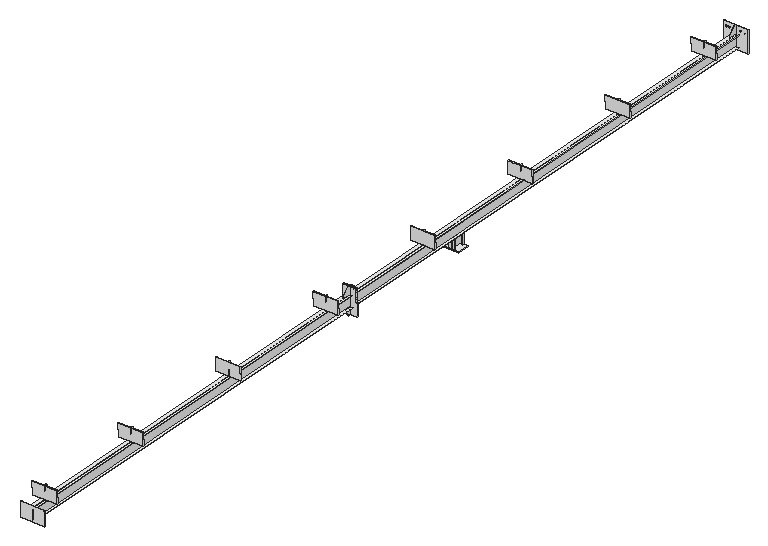
Revit family "STC_A3-Rafter-Type-G", category Structural Framing, Revit 2016
Family settings
  Section Shape = Not Defined
  Material for Model Behavior = Other
  Always export as geometry = No
  Work Plane-Based = No
  Always vertical = Yes
  Cut with Voids When Loaded = No
  Symbolic Representation = From Family
  Shared = No
  Show family pre-cut in plan views = Yes
Reference planes
  plane 1 "Center (Front/Back)": y = 0
  plane 2: z = 0
  plane 3 "Center (Left/Right)": x = 0
Forms (mm)
  Extrusion 1, solid, material "Metal - Steel"
    sketch origin (0, 0, 0) x (0, 1, 0) y (0, 0, 1)
      loop
        line (15, 359.709) -> (15, 659.709) -> (5, 659.709) -> (5, 359.709) -> (15, 359.709)
      loop
        line (-12255, -169.68) -> (-12255, 30.32) -> (-12265, 30.32) -> (-12265, -169.68) -> (-12255, -169.68)
      loop
        line (-549.782, 522.331) -> (-539.791, 522.767) -> (-547.425, 697.6) -> (-557.415, 697.164) -> (-549.782, 522.331)
      loop
        line (-2049.782, 456.839) -> (-2039.791, 457.276) -> (-2047.425, 632.109) -> (-2057.415, 631.673) -> (-2049.782, 456.839)
      loop
        line (-3749.826, 382.614) -> (-3739.835, 383.05) -> (-3747.468, 557.884) -> (-3757.459, 557.447) -> (-3749.826, 382.614)
      loop
        line (-5449.869, 308.388) -> (-5439.879, 308.825) -> (-5447.512, 483.658) -> (-5457.503, 483.222) -> (-5449.869, 308.388)
      loop
        line (-7149.913, 234.163) -> (-7139.922, 234.599) -> (-7147.556, 409.432) -> (-7157.546, 408.996) -> (-7149.913, 234.163)
      loop
        line (-8849.956, 159.937) -> (-8839.966, 160.374) -> (-8847.599, 335.207) -> (-8857.59, 334.771) -> (-8849.956, 159.937)
      loop
        line (-10550, 85.712) -> (-10540.01, 86.148) -> (-10547.643, 260.981) -> (-10557.633, 260.545) -> (-10550, 85.712)
      loop
        line (-12050, 20.22) -> (-12040.01, 20.657) -> (-12047.643, 195.49) -> (-12057.633, 195.054) -> (-12050, 20.22)
    from -170 to 170
  Extrusion 2, void
    sketch origin (0, 0, 111.456) x (1, 0, 0) y (0, 0, 1)
      loop
        line (124, 509.794) -> (76, 509.794)
        arc (76, 509.794) -> (65, 498.794) -> (76, 487.794) r 11
        line (76, 487.794) -> (124, 487.794)
        arc (124, 487.794) -> (135, 498.794) -> (124, 509.794) r 11
      loop
        arc (-124, 509.794) -> (-135, 498.794) -> (-124, 487.794) r 11
        line (-124, 487.794) -> (-76, 487.794)
        arc (-76, 487.794) -> (-65, 498.794) -> (-76, 509.794) r 11
        line (-76, 509.794) -> (-124, 509.794)
    from -15 to -5
  Extrusion 3, solid, material "Metal - Steel"
    sketch origin (0, -931.325, -5.944) x (0, 1, 0) y (0, 0, 1)
      loop
        line (-5799.651, 358.493) -> (-5783.948, -1.164) -> (-5773.958, -0.728) -> (-5789.661, 358.929) -> (-5799.651, 358.493)
    from -90 to 90
  Extrusion 4, solid, material "Metal - Steel"
    sketch origin (0, 0, 0) x (0, 1, 0) y (0, 0, 1)
      loop
        line (-6740.967, 352.113) -> (-6760.948, 351.241) -> (-6837.382, 267.827) -> (-6836.51, 247.846) -> (-6736.605, 252.208) -> (-6740.967, 352.113)
      loop
        line (-6720.986, 352.985) -> (-6716.624, 253.081) -> (-6616.719, 257.443) -> (-6617.592, 277.424) -> (-6701.005, 353.858) -> (-6720.986, 352.985)
      loop
        line (-6725.264, -7.544) -> (-6729.626, 92.36) -> (-6829.531, 87.998) -> (-6828.658, 68.018) -> (-6745.245, -8.417) -> (-6725.264, -7.544)
      loop
        line (-6705.283, -6.672) -> (-6685.302, -5.8) -> (-6608.868, 77.614) -> (-6609.74, 97.595) -> (-6709.645, 93.233) -> (-6705.283, -6.672)
      loop
        line (-527.444, 698.473) -> (-547.425, 697.6) -> (-539.791, 522.767) -> (-459.868, 526.257) -> (-460.74, 546.238) -> (-527.444, 698.473)
      loop
        line (-2027.444, 632.981) -> (-2047.425, 632.109) -> (-2039.791, 457.276) -> (-1959.868, 460.765) -> (-1960.74, 480.746) -> (-2027.444, 632.981)
      loop
        line (-3727.487, 558.756) -> (-3747.468, 557.884) -> (-3739.835, 383.05) -> (-3659.911, 386.54) -> (-3660.784, 406.521) -> (-3727.487, 558.756)
      loop
        line (-5427.531, 484.53) -> (-5447.512, 483.658) -> (-5439.879, 308.825) -> (-5359.955, 312.314) -> (-5360.827, 332.295) -> (-5427.531, 484.53)
      loop
        line (-7127.575, 410.305) -> (-7147.556, 409.432) -> (-7139.922, 234.599) -> (-7059.998, 238.089) -> (-7060.871, 258.07) -> (-7127.575, 410.305)
      loop
        line (-8827.618, 336.079) -> (-8847.599, 335.207) -> (-8839.966, 160.374) -> (-8760.042, 163.863) -> (-8760.914, 183.844) -> (-8827.618, 336.079)
      loop
        line (-10527.662, 261.854) -> (-10547.643, 260.981) -> (-10540.01, 86.148) -> (-10460.086, 89.638) -> (-10460.958, 109.619) -> (-10527.662, 261.854)
      loop
        line (-12027.662, 196.362) -> (-12047.643, 195.49) -> (-12040.01, 20.657) -> (-11960.086, 24.146) -> (-11960.958, 44.127) -> (-12027.662, 196.362)
      loop
        line (5, 659.709) -> (-15, 659.709) -> (-95.333, 562.192) -> (-94.461, 542.211) -> (5, 546.553) -> (5, 659.709)
    from -5 to 5
  Extrusion 5, solid, material "Metal - Steel"
    sketch origin (0, 0, 0) x (0, 1, 0) y (0, 0, 1)
      loop
        line (5, 546.553) -> (-6716.624, 253.081) -> (-6716.301, 245.688) -> (5, 539.146) -> (5, 546.553)
      loop
        line (5, 393.808) -> (-6709.968, 100.626) -> (-6709.645, 93.233) -> (5, 386.401) -> (5, 393.808)
      loop
        line (-12255, 11.27) -> (-12255, 3.863) -> (-6736.282, 244.815) -> (-6736.605, 252.208) -> (-12255, 11.27)
      loop
        line (-12255, -141.475) -> (-12255, -148.882) -> (-6729.626, 92.361) -> (-6729.949, 99.754) -> (-12255, -141.475)
    from -41 to 41
  Extrusion 6, solid, material "Metal - Steel"
    sketch origin (0, 0, 0) x (0, 1, 0) y (0, 0, 1)
      loop
        line (-6716.301, 245.688) -> (-6709.968, 100.626) -> (5, 393.808) -> (5, 539.146) -> (-6716.301, 245.688)
      loop
        line (-6736.282, 244.815) -> (-12255, 3.863) -> (-12255, -141.475) -> (-6729.949, 99.754) -> (-6736.282, 244.815)
      loop
        line (-4945.1, 170.275) -> (-4945.1, 40) -> (-4799.9, 40) -> (-4799.9, 176.614) -> (-4945.1, 170.275)
    from -2.5 to 2.5
  Extrusion 7, solid, material "Metal - Steel"
    sketch origin (0, 0, 0) x (0, 1, 0) y (0, 0, 1)
      loop
        line (-4792.5, 40) -> (-4792.5, 176.937) -> (-4799.9, 176.614) -> (-4799.9, 40) -> (-4792.5, 40)
      loop
        line (-4952.5, 40) -> (-4945.1, 40) -> (-4945.1, 170.275) -> (-4952.5, 169.952) -> (-4952.5, 40)
    from -41 to 41
  Extrusion 8, solid, material "Metal - Steel"
    sketch origin (0, -9785.855, 0) x (0, -1, 0) y (0, 0, 1)
      loop
        line (-4828.355, 30) -> (-4828.355, 40) -> (-4998.355, 40) -> (-4998.355, 30) -> (-4828.355, 30)
    from -100 to 100
  Extrusion 9, solid, material "Metal - Steel"
    sketch origin (0, -941.316, -6.38) x (0, 1, 0) y (0, 0, 1)
      loop
        line (-5799.651, 358.493) -> (-5783.948, -1.164) -> (-5773.958, -0.728) -> (-5789.661, 358.929) -> (-5799.651, 358.493)
    from -90 to 90
Cuts and joins
  Extrusion 2 cuts Extrusion 1
  Extrusion 2 cuts Extrusion 4
